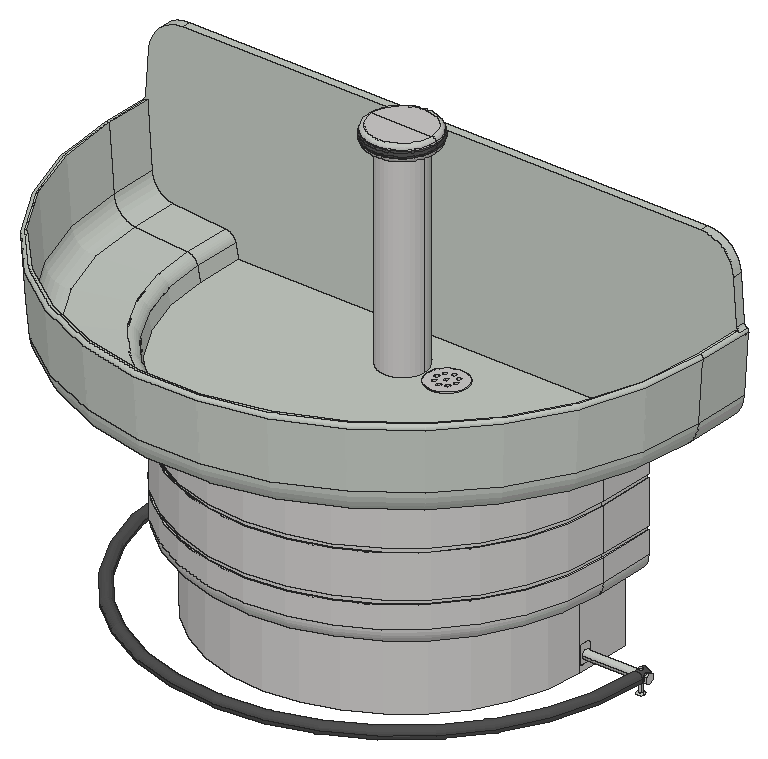
Revit family "Washfountain_Lavatory-Bradley_Corp-WF2504-Type_O_Drain", category Plumbing Fixtures, Revit 2012 (continued)
Automatic sketch dimensions
  curve 83 to curve 82 = 0.04402"
  curve 82 to curve 81 = 0.040"
  curve 81 to curve 79 = 0.27592"
  curve 80 to curve 79 = 0.000"
  curve 79 to curve 80 = 0.62595"
  curve 81 to curve 79 = 0.61449"
  curve 82 to curve 81 = 1.250"
  curve 83 to curve 82 = 1.24999"
  curve 84 to curve 83 = 1.25001"
  curve 12 to curve 51 = 3.59633"
  curve 51 to curve 12 = 14.89889"
  curve 50 to curve 51 = 0.000"
  curve 49 to curve 51 = 0.000"  (x2)
  curve 46 to curve 49 = 0.000"
  curve 47 to curve 46 = 0.000"
  curve 48 to curve 47 = 0.000"  (x2)
  curve 46 to curve 41 = 0.02732"
  curve 39 to curve 41 = 0.000"  (x2)
  curve 49 to curve 42 = 0.02732"
  curve 43 to curve 42 = 0.000"
  curve 44 to curve 43 = 0.000"  (x2)
  curve 40 to curve 39 = 0.000"  (x2)
  curve 39 to curve 45 = 2.01906"
  curve 38 to curve 45 = 0.000"
  curve 12 to curve 45 = 12.8525"
  curve 45 to curve 38 = 0.00049"
  curve 45 to curve 43 = 2.01906"
  curve 42 to curve 43 = 0.000"
  curve 45 to curve 41 = 2.01906"
  curve 41 to curve 47 = 0.02732"
  curve 46 to curve 47 = 0.000"
  curve 44 to curve 50 = 0.02732"
  curve 51 to curve 50 = 0.000"
  curve 49 to curve 51 = 0.14775"
  curve 44 to curve 49 = 0.63192"
  curve 43 to curve 44 = 0.18748"
  curve 42 to curve 43 = 0.18748"
  curve 47 to curve 42 = 1.9977"
  curve 48 to curve 47 = 0.14775"
  curve 46 to curve 48 = 0.14775"
  curve 41 to curve 46 = 1.5194"
  curve 40 to curve 41 = 0.18748"
  curve 39 to curve 40 = 0.18748"
  curve 45 to curve 39 = 0.9101"
  curve 38 to curve 45 = 2.64854"
  curve 51 to curve 50 = 0.14775"
  curve 11 to curve 65 = 3.000"
  curve 11 to curve 52 = 3.000"
  curve 64 to curve 65 = 0.000"
  curve 53 to curve 65 = 0.000"
  curve 63 to curve 65 = 0.000"
  curve 54 to curve 53 = 0.000"
  curve 62 to curve 52 = 0.000"
  curve 55 to curve 53 = 0.000"  (x2)
  curve 61 to curve 62 = 0.000"
  curve 56 to curve 64 = 0.000"
  curve 60 to curve 62 = 0.000"
  curve 57 to curve 56 = 0.000"
  curve 59 to curve 52 = 0.000"
  curve 58 to curve 56 = 0.000"  (x2)
  curve 11 to curve 59 = 17.94266"
  curve 52 to curve 59 = 0.000"
  curve 52 to curve 60 = 2.01784"
  curve 64 to curve 60 = 0.000"
  curve 61 to curve 60 = 0.000"
  curve 63 to curve 64 = 0.000"
  curve 62 to curve 60 = 0.000"
  curve 65 to curve 64 = 0.000"
  curve 61 to curve 54 = 0.02854"
  curve 64 to curve 57 = 0.02854"
  curve 53 to curve 54 = 0.000"
  curve 56 to curve 57 = 0.000"
  curve 59 to curve 11 = 12.49714"
  curve 59 to curve 52 = 2.64854"
  curve 52 to curve 60 = 0.9101"
  curve 60 to curve 62 = 0.18748"
  curve 62 to curve 61 = 0.18748"
  curve 61 to curve 53 = 1.5194"
  curve 53 to curve 55 = 0.14775"
  curve 55 to curve 54 = 0.14775"
  curve 54 to curve 63 = 1.9977"
  curve 63 to curve 65 = 0.18748"
  curve 65 to curve 64 = 0.18748"
  curve 64 to curve 56 = 0.63192"
  curve 56 to curve 58 = 0.14775"
  curve 58 to curve 57 = 0.14775"
  curve 2 to curve 66 = 3.000"
  curve 2 to curve 67 = 14.33954"
  curve 2 to curve 67 = 15.1158"
  curve 67 to curve 66 = 6.85903"
  curve 66 to curve 67 = 0.38104"
  curve 2 to curve 67 = 8.81355"
  curve 66 to curve 2 = 8.46682"
  curve 66 to curve 67 = 0.0327"
  Revolve 15 sketch curve to curve 5 = 0.000"
  curve 5 to Revolve 15 sketch curve = 1.000"
  curve 5 to Revolve 15 sketch curve = 0.89718"
  Revolve 15 sketch curve to curve 5 = 0.64632"
  Revolve 15 sketch curve to Revolve 15 sketch curve = 0.17678"
  Revolve 15 sketch curve to Revolve 15 sketch curve = 0.000"  (x4)
  Revolve 15 sketch curve to Revolve 15 sketch curve = 0.60355"
  Revolve 15 sketch curve to Revolve 15 sketch curve = 0.176"
  curve 5 to Revolve 15 sketch curve = 0.34072"
  Revolve 15 sketch curve to curve 5 = 1.44037"
  Revolve 15 sketch curve to Revolve 15 sketch curve = 0.01575"
  Revolve 15 sketch curve to Revolve 15 sketch curve = 0.074"
  Revolve 15 sketch curve to Revolve 15 sketch curve = 0.0755"
  Revolve 15 sketch curve to curve 5 = 2.78252"
  Revolve 15 sketch curve to Revolve 15 sketch curve = 1.50918"
  Revolve 15 sketch curve to curve 5 = 39.99275"
  Revolve 15 sketch curve to Revolve 15 sketch curve = 0.07322"
  Revolve 15 sketch curve to Revolve 15 sketch curve = 0.60277"
  Revolve 15 sketch curve to Revolve 15 sketch curve = 0.22469"
  Revolve 15 sketch curve to curve 5 = 1.16482"
  Revolve 16 sketch curve to curve 5 = 0.000"
  Revolve 16 sketch curve to Revolve 16 sketch curve = 0.000"
  curve 5 to Revolve 16 sketch curve = 1.000"
  Revolve 16 sketch curve to curve 5 = 0.74987"
  Revolve 16 sketch curve to Revolve 16 sketch curve = 0.8255"  (x2)
  Revolve 16 sketch curve to Revolve 16 sketch curve = 0.78649"
  Revolve 16 sketch curve to curve 5 = 1.13751"
  Masking region 13 sketch curve to curve 5 = 0.000"
  Masking region 13 sketch curve to curve 5 = 1.57537"
  Masking region 13 sketch curve to curve 5 = 0.74987"
  curve 5 to Masking region 13 sketch curve = 1.000"
  Masking region 13 sketch curve to curve 5 = 1.000"
  curve 5 to Masking region 13 sketch curve = 0.74987"
  curve 5 to Masking region 13 sketch curve = 1.57537"
  Masking region 13 sketch curve to Masking region 13 sketch curve = 0.8255"  (x2)
  Masking region 14 sketch curve to curve 5 = 0.000"
  Masking region 14 sketch curve to curve 5 = 1.57537"
  Masking region 14 sketch curve to Masking region 14 sketch curve = 0.0755"  (x2)
  Masking region 14 sketch curve to Masking region 14 sketch curve = 0.11925"
  Masking region 14 sketch curve to Masking region 14 sketch curve = 0.000"  (x7)
  Masking region 14 sketch curve to Masking region 14 sketch curve = 0.135"
  Masking region 14 sketch curve to Masking region 14 sketch curve = 0.074"
  Masking region 14 sketch curve to Masking region 14 sketch curve = 0.250"
  Masking region 14 sketch curve to curve 5 = 0.82309"
  Masking region 14 sketch curve to Masking region 14 sketch curve = 0.17678"  (x2)
  curve 5 to Masking region 14 sketch curve = 0.89718"
  curve 5 to Masking region 14 sketch curve = 1.000"
  curve 5 to Masking region 14 sketch curve = 2.78252"
  Masking region 14 sketch curve to Masking region 14 sketch curve = 0.43497"
  Masking region 14 sketch curve to curve 5 = 1.000"
  Masking region 14 sketch curve to curve 5 = 0.89718"
  curve 5 to Masking region 14 sketch curve = 0.64632"
  Masking region 14 sketch curve to Masking region 14 sketch curve = 0.60355"
  Masking region 14 sketch curve to Masking region 14 sketch curve = 0.176"
  curve 5 to Masking region 14 sketch curve = 0.34072"
  curve 5 to Masking region 14 sketch curve = 1.44037"
  Masking region 14 sketch curve to Masking region 14 sketch curve = 0.01575"
  Masking region 14 sketch curve to Masking region 14 sketch curve = 0.0595"
  Masking region 14 sketch curve to curve 5 = 39.99275"
  Masking region 14 sketch curve to Masking region 14 sketch curve = 0.07322"  (x2)
  Masking region 14 sketch curve to Masking region 14 sketch curve = 0.60277"  (x2)
  Masking region 14 sketch curve to Masking region 14 sketch curve = 0.3591"
  Masking region 14 sketch curve to Masking region 14 sketch curve = 0.22469"
  Masking region 14 sketch curve to Masking region 14 sketch curve = 0.13441"
  Masking region 15 sketch curve to curve 3 = 0.125"
  curve 3 to Masking region 15 sketch curve = 0.31036"
  Masking region 15 sketch curve to curve 3 = 0.00012"
  curve 3 to Masking region 15 sketch curve = 0.31985"
  Masking region 15 sketch curve to Masking region 15 sketch curve = 0.68964"
  Masking region 15 sketch curve to curve 3 = 1.000"
  Masking region 15 sketch curve to curve 3 = 0.31985"
  Masking region 15 sketch curve to curve 3 = 0.31036"
  curve 3 to Masking region 15 sketch curve = 0.125"
  Masking region 15 sketch curve to curve 3 = 0.94458"  (x2)
  Masking region 15 sketch curve to curve 3 = 0.44473"  (x2)
  Masking region 16 sketch curve to curve 3 = 0.12503"
  Masking region 16 sketch curve to curve 3 = 0.03514"
  Masking region 16 sketch curve to curve 3 = 0.035"
  Masking region 16 sketch curve to curve 3 = 0.0313"
  Masking region 16 sketch curve to curve 3 = 0.03126"
  curve 3 to Masking region 16 sketch curve = 0.310"
  Masking region 16 sketch curve to curve 3 = 0.00052"
  curve 3 to Masking region 16 sketch curve = 0.31012"
  Masking region 16 sketch curve to Masking region 16 sketch curve = 0.690"
  Masking region 16 sketch curve to curve 3 = 1.000"
  Masking region 16 sketch curve to curve 3 = 0.31103"
  Masking region 16 sketch curve to curve 3 = 0.30726"
  curve 3 to Masking region 16 sketch curve = 0.03111"
  curve 3 to Masking region 16 sketch curve = 0.03213"
  curve 3 to Masking region 16 sketch curve = 0.035"  (x2)
  Masking region 16 sketch curve to Masking region 16 sketch curve = 0.09419"
  Masking region 16 sketch curve to curve 3 = 0.94459"
  Masking region 16 sketch curve to curve 3 = 0.94426"
  Masking region 16 sketch curve to curve 3 = 0.53856"
  Masking region 16 sketch curve to curve 3 = 0.5384"
  curve 77 to curve 3 = 0.125"
  curve 72 to curve 3 = 0.125"
  curve 76 to curve 3 = 0.03521"
  curve 73 to curve 3 = 0.035"
  curve 3 to curve 78 = 1.000"
  curve 78 to curve 3 = 1.000"
  curve 3 to curve 75 = 0.035"
  curve 3 to curve 74 = 0.035"
  curve 73 to curve 74 = 0.090"
  curve 75 to curve 75 = 0.090"
  curve 78 to curve 3 = 1.38963"
  curve 77 to curve 3 = 0.94458"
  curve 74 to curve 3 = 0.44473"
  Masking region 17 sketch curve to curve 7 = 0.000"
  Masking region 17 sketch curve to curve 7 = 3.32412"
  Masking region 17 sketch curve to curve 7 = 2.85471"
  curve 7 to Masking region 17 sketch curve = 2.85471"
  curve 7 to Masking region 17 sketch curve = 3.32412"
  Masking region 18 sketch curve to curve 7 = 0.000"  (x3)
  Masking region 18 sketch curve to curve 7 = 14.27037"  (x2)
  Masking region 18 sketch curve to curve 7 = 0.11538"
  Masking region 18 sketch curve to curve 7 = 2.85471"
  Masking region 18 sketch curve to Masking region 18 sketch curve = 0.03127"  (x2)
  Masking region 18 sketch curve to Masking region 18 sketch curve = 0.04402"  (x2)
  Masking region 18 sketch curve to Masking region 18 sketch curve = 0.040"  (x4)
  Masking region 18 sketch curve to Masking region 18 sketch curve = 0.23592"
  curve 7 to Masking region 18 sketch curve = 0.11538"
  curve 7 to Masking region 18 sketch curve = 2.85471"
  curve 7 to Masking region 18 sketch curve = 0.37358"
  Masking region 18 sketch curve to Masking region 18 sketch curve = 0.63597"  (x2)
  Masking region 18 sketch curve to Masking region 18 sketch curve = 1.25001"  (x2)
  Masking region 18 sketch curve to Masking region 18 sketch curve = 1.24999"  (x2)
  Masking region 18 sketch curve to Masking region 18 sketch curve = 1.250"  (x2)
  Masking region 18 sketch curve to Masking region 18 sketch curve = 0.62595"  (x2)
  Masking region 19 sketch curve to curve 4 = 0.875"
  Masking region 19 sketch curve to curve 4 = 0.440"
  Masking region 19 sketch curve to curve 4 = 0.00012"
  Masking region 19 sketch curve to curve 4 = 0.43015"
  curve 4 to Masking region 19 sketch curve = 0.25001"
  Masking region 19 sketch curve to Masking region 19 sketch curve = 3.99991"
  Masking region 19 sketch curve to Masking region 19 sketch curve = 0.68002"
  Masking region 19 sketch curve to Masking region 19 sketch curve = 0.0002"
  Masking region 19 sketch curve to Masking region 19 sketch curve = 0.44505"  (x3)
  curve 4 to Masking region 19 sketch curve = 0.44473"  (x2)
  Masking region 20 sketch curve to plane 9 "Spray Head" = 0.000"
  Masking region 20 sketch curve to plane 9 "Spray Head" = 0.8509"
  plane 1 "Center (Front/Back)" to Masking region 20 sketch curve = 8.37501"
  Masking region 20 sketch curve to Masking region 20 sketch curve = 0.090"  (x2)
  Masking region 20 sketch curve to Masking region 20 sketch curve = 0.09375"  (x2)
  Masking region 20 sketch curve to Masking region 20 sketch curve = 0.00375"  (x3)
  Masking region 20 sketch curve to Masking region 20 sketch curve = 0.345"  (x2)
  Masking region 20 sketch curve to Masking region 20 sketch curve = 0.690"  (x3)
  plane 1 "Center (Front/Back)" to Masking region 20 sketch curve = 3.25001"
  Masking region 20 sketch curve to Masking region 20 sketch curve = 0.34125"
  Masking region 20 sketch curve to Masking region 20 sketch curve = 0.000"
  Masking region 20 sketch curve to Masking region 20 sketch curve = 0.10005"
  Masking region 20 sketch curve to Masking region 20 sketch curve = 0.1934"  (x2)
  curve 90 to curve 4 = 0.875"
  curve 85 to curve 90 = 0.000"
  curve 85 to curve 86 = 0.090"
  curve 90 to curve 90 = 0.09001"
  curve 4 to curve 91 = 0.25001"
  curve 4 to curve 91 = 1.38963"
  curve 91 to curve 91 = 4.000"
  curve 91 to curve 88 = 1.03499"
  curve 88 to curve 87 = 0.00001"
  curve 86 to curve 87 = 0.08999"
  curve 88 to curve 88 = 0.090"
  curve 90 to curve 4 = 0.94458"
  curve 4 to curve 87 = 0.44473"
  Masking region 21 sketch curve to plane 8 "Sensor Module" = 0.000"
  plane 9 "Spray Head" to Masking region 21 sketch curve = 1.81112"
  plane 1 "Center (Front/Back)" to Masking region 21 sketch curve = 9.82537"
  Masking region 21 sketch curve to Masking region 21 sketch curve = 0.8255"  (x2)
  Masking region 21 sketch curve to Masking region 21 sketch curve = 1.74995"
  plane 1 "Center (Front/Back)" to Masking region 21 sketch curve = 3.25001"
  plane 1 "Center (Front/Back)" to Masking region 21 sketch curve = 1.50013"
  plane 1 "Center (Front/Back)" to Masking region 21 sketch curve = 0.67463"
  Masking region 22 sketch curve to curve 6 = 0.000"
  curve 6 to Masking region 22 sketch curve = 0.56541"
  Masking region 22 sketch curve to curve 6 = 2.32535"
  Masking region 22 sketch curve to Masking region 22 sketch curve = 0.0755"  (x2)
  Masking region 22 sketch curve to Masking region 22 sketch curve = 0.11925"
  Masking region 22 sketch curve to Masking region 22 sketch curve = 0.000"  (x7)
  Masking region 22 sketch curve to Masking region 22 sketch curve = 0.135"
  Masking region 22 sketch curve to Masking region 22 sketch curve = 0.074"
  Masking region 22 sketch curve to Masking region 22 sketch curve = 0.250"
  Masking region 22 sketch curve to Masking region 22 sketch curve = 0.60277"  (x2)
  Masking region 22 sketch curve to Masking region 22 sketch curve = 0.17678"  (x2)
  curve 6 to Masking region 22 sketch curve = 0.14719"
  curve 6 to Masking region 22 sketch curve = 0.25001"
  curve 6 to Masking region 22 sketch curve = 2.03244"
  Masking region 22 sketch curve to Masking region 22 sketch curve = 0.43506"
  Masking region 22 sketch curve to Masking region 22 sketch curve = 3.99991"
  Masking region 22 sketch curve to Masking region 22 sketch curve = 0.10282"
  Masking region 22 sketch curve to Masking region 22 sketch curve = 1.64632"
  curve 6 to Masking region 22 sketch curve = 2.76716"
  Masking region 22 sketch curve to Masking region 22 sketch curve = 0.60355"
  curve 6 to Masking region 22 sketch curve = 2.16439"
  Masking region 22 sketch curve to Masking region 22 sketch curve = 0.176"
  curve 6 to Masking region 22 sketch curve = 0.34072"
  Masking region 22 sketch curve to Masking region 22 sketch curve = 0.1905"
  Masking region 22 sketch curve to Masking region 22 sketch curve = 0.01575"
  Masking region 22 sketch curve to Masking region 22 sketch curve = 0.0595"
  Masking region 22 sketch curve to curve 6 = 39.99275"
  Masking region 22 sketch curve to Masking region 22 sketch curve = 0.07322"
  Masking region 22 sketch curve to Masking region 22 sketch curve = 0.22469"
  Masking region 22 sketch curve to Masking region 22 sketch curve = 0.13441"
  curve 93 to curve 6 = 2.32537"
  curve 6 to curve 92 = 0.56541"
  curve 93 to curve 92 = 0.07551"
  curve 6 to curve 94 = 0.25001"
  curve 94 to curve 94 = 3.99999"
  curve 94 to curve 92 = 2.50014"
  curve 92 to curve 93 = 0.07522"
  curve 93 to curve 92 = 1.44948"
  curve 94 to curve 93 = 0.8255"
  Masking region 23 sketch curve to curve 8 = 0.000"  (x2)
  Masking region 23 sketch curve to curve 8 = 6.000"
  curve 8 to Masking region 23 sketch curve = 8.10471"
  Masking region 23 sketch curve to Masking region 23 sketch curve = 0.46941"
  Masking region 24 sketch curve to curve 8 = 0.000"  (x2)
  Masking region 24 sketch curve to curve 8 = 6.000"
  curve 8 to Masking region 24 sketch curve = 5.250"
  Masking region 24 sketch curve to Masking region 24 sketch curve = 5.36538"
  Masking region 24 sketch curve to Masking region 24 sketch curve = 2.73934"
  Masking region 24 sketch curve to Masking region 24 sketch curve = 0.03127"
  Masking region 24 sketch curve to Masking region 24 sketch curve = 0.04402"
  Masking region 24 sketch curve to Masking region 24 sketch curve = 0.040"  (x2)
  Masking region 24 sketch curve to Masking region 24 sketch curve = 0.23592"
  Masking region 24 sketch curve to curve 8 = 14.27037"
  Masking region 24 sketch curve to Masking region 24 sketch curve = 0.63597"
  Masking region 24 sketch curve to Masking region 24 sketch curve = 1.25001"
  Masking region 24 sketch curve to Masking region 24 sketch curve = 1.24999"
  Masking region 24 sketch curve to Masking region 24 sketch curve = 1.250"
  Masking region 24 sketch curve to Masking region 24 sketch curve = 0.62595"
  curve 100 to curve 8 = 0.000"
  curve 95 to curve 8 = 0.000"
  curve 98 to curve 8 = 0.000"
  curve 96 to curve 8 = 0.000"
  curve 99 to curve 8 = 0.000"
  curve 97 to curve 8 = 0.000"
  curve 100 to curve 8 = 5.36403"
  curve 99 to curve 8 = 4.11402"
  curve 98 to curve 8 = 2.86403"
  curve 97 to curve 8 = 1.61403"
  curve 96 to curve 8 = 0.99953"
  curve 95 to curve 8 = 0.37358"
  curve 8 to curve 100 = 8.10471"
  curve 100 to curve 99 = 0.03127"
  curve 99 to curve 98 = 0.04402"
  curve 98 to curve 97 = 0.040"
  curve 97 to curve 95 = 0.27592"
  curve 96 to curve 95 = 0.000"
  plane 1 "Center (Front/Back)" to curve 150 = 2.90484"
  plane 3 "Center (Left/Right)" to curve 150 = 6.97827"
  plane 1 "Center (Front/Back)" to curve 158 = 2.04766"
  curve 150 to curve 158 = 1.52569"
  plane 3 "Center (Left/Right)" to curve 150 = 1.59028"
  plane 3 "Center (Left/Right)" to curve 158 = 0.06458"
  curve 157 to plane 3 "Center (Left/Right)" = 0.06458"
  curve 149 to plane 3 "Center (Left/Right)" = 1.59028"
  plane 1 "Center (Front/Back)" to curve 157 = 2.04766"
  curve 157 to plane 3 "Center (Left/Right)" = 5.45258"
  plane 1 "Center (Front/Back)" to curve 149 = 2.90484"
  curve 157 to curve 149 = 1.52569"
  curve 157 to curve 157 = 9.59007"
  curve 158 to curve 157 = 0.000"
  curve 158 to curve 150 = 0.85718"
  curve 157 to curve 149 = 0.85718"
  Extrusion 17 sketch curve to plane 6 "Towel Dispenser" = 0.000"
  plane 6 "Towel Dispenser" to Extrusion 17 sketch curve = 1.37502"
  Extrusion 17 sketch curve to Extrusion 17 sketch curve = 2.250"
  Extrusion 17 sketch curve to Extrusion 17 sketch curve = 4.000"
  Extrusion 18 sketch curve to plane 6 "Towel Dispenser" = 0.000"
  plane 6 "Towel Dispenser" to Extrusion 18 sketch curve = 1.37502"
  Extrusion 18 sketch curve to Extrusion 18 sketch curve = 2.250"
  Extrusion 18 sketch curve to Extrusion 18 sketch curve = 4.000"
  Split face 1 sketch curve to Extrusion 17 = 0.56845"
  Split face 1 sketch curve to Split face 1 sketch curve = 0.750"
  Split face 1 sketch curve to Extrusion 17 = 1.500"  (x2)
  Extrusion 18 to Split face 2 sketch curve = 0.56845"
  Split face 2 sketch curve to Split face 2 sketch curve = 0.750"
  Split face 2 sketch curve to Extrusion 18 = 1.500"  (x2)
  curve 106 to Extrusion 18 = 0.000"  (x3)
  Extrusion 18 to curve 141 = 2.60156"
  curve 141 to curve 141 = 1.000"
  Extrusion 18 to curve 141 = 1.95703"
  curve 107 to Extrusion 17 = 0.000"  (x3)
  curve 140 to Extrusion 17 = 2.60156"
  curve 140 to curve 140 = 1.000"
  Extrusion 17 to curve 140 = 1.95703"
  Masking region 25 sketch curve to curve 9 = 0.000"  (x2)
  Masking region 25 sketch curve to curve 9 = 1.37502"  (x2)
  Masking region 25 sketch curve to curve 9 = 5.93988"
  Masking region 25 sketch curve to Masking region 25 sketch curve = 1.96161"  (x2)
  Masking region 25 sketch curve to curve 9 = 2.45258"
  curve 9 to Masking region 25 sketch curve = 1.000"
  Masking region 25 sketch curve to curve 9 = 1.000"
  curve 9 to Masking region 25 sketch curve = 2.45258"
  curve 9 to Masking region 25 sketch curve = 3.97827"
  Masking region 25 sketch curve to Masking region 25 sketch curve = 0.68733"  (x2)
  curve 134 to curve 10 = 0.000"
  curve 130 to curve 10 = 0.95234"
  curve 134 to curve 10 = 0.09516"
  curve 10 to curve 131 = 1.00693"
  curve 138 to curve 10 = 0.29642"
  curve 132 to curve 138 = 0.44323"
  curve 138 to curve 138 = 0.31346"  (x2)
  curve 138 to curve 138 = 0.40504"
  curve 10 to curve 144 = 2.71312"
  curve 130 to curve 139 = 4.79504"
  curve 136 to curve 10 = 0.47244"
  curve 139 to curve 136 = 2.21775"
  curve 136 to curve 136 = 0.40504"
  curve 136 to curve 136 = 0.31346"  (x2)
  curve 139 to curve 131 = 4.79504"
  curve 133 to curve 10 = 1.37502"
  curve 10 to curve 144 = 3.97659"
  curve 144 to curve 144 = 1.000"
  curve 10 to curve 139 = 13.12502"
  curve 10 to curve 131 = 14.62567"
  curve 10 to curve 130 = 15.313"
  Masking region 27 sketch curve to plane 5 "Right" = 0.000"
  Masking region 27 sketch curve to plane 3 "Center (Left/Right)" = 0.000"
  Masking region 27 sketch curve to plane 1 "Center (Front/Back)" = 0.000"
  Masking region 27 sketch curve to Masking region 27 sketch curve = 0.00001"
  plane 1 "Center (Front/Back)" to Masking region 27 sketch curve = 5.09016"
  Masking region 27 sketch curve to Masking region 27 sketch curve = 0.000"
  Masking region 28 sketch curve to plane 3 "Center (Left/Right)" = 0.000"
  plane 3 "Center (Left/Right)" to Masking region 28 sketch curve = 0.06458"
  plane 3 "Center (Left/Right)" to Masking region 28 sketch curve = 3.55188"
  plane 1 "Center (Front/Back)" to Masking region 28 sketch curve = 2.04766"
  plane 3 "Center (Left/Right)" to Masking region 28 sketch curve = 5.45258"
  plane 1 "Center (Front/Back)" to Masking region 28 sketch curve = 4.00693"  (x2)
  Masking region 28 sketch curve to Masking region 28 sketch curve = 3.4873"
  Masking region 28 sketch curve to plane 3 "Center (Left/Right)" = 0.06458"
  Masking region 28 sketch curve to plane 3 "Center (Left/Right)" = 3.55188"
  Masking region 28 sketch curve to plane 3 "Center (Left/Right)" = 5.45258"
  plane 1 "Center (Front/Back)" to Masking region 28 sketch curve = 5.250"
  Masking region 29 sketch curve to plane 3 "Center (Left/Right)" = 0.000"
  Masking region 29 sketch curve to Masking region 29 sketch curve = 6.32412"
  plane 1 "Center (Front/Back)" to Masking region 29 sketch curve = 3.000"
  Masking region 29 sketch curve to Masking region 29 sketch curve = 2.250"
  curve 152 to plane 3 "Center (Left/Right)" = 0.000"
  plane 3 "Center (Left/Right)" to curve 153 = 5.85471"
  plane 1 "Center (Front/Back)" to curve 153 = 3.000"
  plane 1 "Center (Front/Back)" to curve 151 = 3.000"
  curve 153 to curve 152 = 2.250"
  curve 154 to plane 3 "Center (Left/Right)" = 0.000"
  plane 1 "Center (Front/Back)" to curve 154 = 5.250"
  Masking region 30 sketch curve to plane 3 "Center (Left/Right)" = 0.000"
  plane 1 "Center (Front/Back)" to Masking region 30 sketch curve = 5.250"
  Masking region 31 sketch curve to plane 3 "Center (Left/Right)" = 0.000"
  plane 1 "Center (Front/Back)" to Masking region 31 sketch curve = 5.250"
  curve 155 to plane 3 "Center (Left/Right)" = 0.000"
  plane 1 "Center (Front/Back)" to curve 155 = 5.250"
  Extrusion 19 sketch curve to plane 3 "Center (Left/Right)" = 0.000"
  plane 1 "Center (Front/Back)" to Extrusion 19 sketch curve = 5.250"
  Extrusion 20 sketch curve to plane 3 "Center (Left/Right)" = 0.000"
  plane 1 "Center (Front/Back)" to Extrusion 20 sketch curve = 5.250"
  curve 7 to Masking region 33 sketch curve = 1.000"
  Masking region 33 sketch curve to curve 7 = 1.000"
  Masking region 33 sketch curve to curve 7 = 8.500"
  Masking region 34 sketch curve to plane 8 "Sensor Module" = 3.500"
  plane 1 "Center (Front/Back)" to Masking region 34 sketch curve = 7.250"
  plane 1 "Center (Front/Back)" to Masking region 34 sketch curve = 3.25001"
  Extrusion 21 sketch curve to plane 3 "Center (Left/Right)" = 0.000"
  plane 3 "Center (Left/Right)" to Extrusion 21 sketch curve = 0.06458"
  plane 1 "Center (Front/Back)" to Extrusion 21 sketch curve = 2.04766"
  plane 3 "Center (Left/Right)" to Extrusion 21 sketch curve = 5.45258"
  Extrusion 21 sketch curve to plane 3 "Center (Left/Right)" = 0.06458"
  Extrusion 21 sketch curve to plane 3 "Center (Left/Right)" = 5.45258"
  plane 1 "Center (Front/Back)" to Extrusion 21 sketch curve = 5.250"
  Extrusion 21 sketch curve to Extrusion 21 sketch curve = 6.38773"
  Extrusion 22 sketch curve to Extrusion 22 sketch curve = 0.000"  (x2)
  Extrusion 22 sketch curve to plane 3 "Center (Left/Right)" = 0.000"
  plane 3 "Center (Left/Right)" to Extrusion 22 sketch curve = 0.06458"
  Extrusion 22 sketch curve to Extrusion 22 sketch curve = 2.000"
  plane 1 "Center (Front/Back)" to Extrusion 22 sketch curve = 2.04766"
  Extrusion 22 sketch curve to Extrusion 22 sketch curve = 3.45258"  (x2)
  Extrusion 22 sketch curve to plane 3 "Center (Left/Right)" = 0.06458"
  plane 1 "Center (Front/Back)" to Extrusion 22 sketch curve = 5.250"
  Extrusion 22 sketch curve to Extrusion 22 sketch curve = 6.38773"
  curve 160 to curve 159 = 0.000"
  curve 168 to curve 159 = 0.000"
  curve 169 to curve 159 = 0.000"
  curve 161 to curve 159 = 0.000"
  curve 160 to curve 159 = 3.45258"
  curve 159 to curve 166 = 0.000"
  curve 159 to curve 168 = 0.000"
  curve 167 to curve 159 = 0.000"
  curve 169 to curve 167 = 0.000"
  curve 159 to curve 161 = 3.45258"
  curve 159 to curve 169 = 1.0786"
  curve 165 to curve 164 = 0.500"
  curve 159 to curve 166 = 14.12567"
  curve 163 to curve 162 = 0.500"
  curve 162 to curve 160 = 0.68733"
  curve 162 to curve 161 = 0.68733"
  Extrusion 23 sketch curve to plane 1 "Center (Front/Back)" = 0.000"
  Extrusion 23 sketch curve to plane 3 "Center (Left/Right)" = 0.000"
  Extrusion 23 sketch curve to Extrusion 23 sketch curve = 2.00008"
  Extrusion 23 sketch curve to Extrusion 23 sketch curve = 0.000"  (x3)
  Extrusion 23 sketch curve to plane 3 "Center (Left/Right)" = 2.00008"
  plane 1 "Center (Front/Back)" to Extrusion 23 sketch curve = 5.09016"
  Extrusion 24 sketch curve to plane 1 "Center (Front/Back)" = 0.000"
  Extrusion 24 sketch curve to plane 3 "Center (Left/Right)" = 0.000"
  Extrusion 24 sketch curve to Extrusion 24 sketch curve = 2.000"
  plane 1 "Center (Front/Back)" to Extrusion 24 sketch curve = 5.09016"
  Sweep 25 sketch curve to profile plane = 0.000"
  profile plane to Sweep 25 sketch curve = 1.425"
  level to Extrusion 26 sketch curve = 1.425"
  plane 1 "Center (Front/Back)" to Extrusion 26 sketch curve = 4.625"
  level to Extrusion 27 sketch curve = 1.425"
  plane 1 "Center (Front/Back)" to Extrusion 27 sketch curve = 4.625"
  plane 4 "Left" to Extrusion 28 sketch curve = 5.99951"
  plane 1 "Center (Front/Back)" to Extrusion 28 sketch curve = 4.625"
  plane 5 "Right" to Extrusion 29 sketch curve = 5.99951"
  Extrusion 29 sketch curve to plane 1 "Center (Front/Back)" = 4.625"
  Blend 30 sketch curve to Blend 30 sketch curve = 0.000"  (x2)
  plane 4 "Left" to Blend 30 sketch curve = 5.88251"
  Blend 30 sketch curve to Blend 30 sketch curve = 0.117"
  plane 1 "Center (Front/Back)" to Blend 30 sketch curve = 4.625"  (x2)
  plane 4 "Left" to Blend 30 sketch curve = 5.99951"
  Blend 31 sketch curve to Blend 31 sketch curve = 0.000"  (x2)
  plane 5 "Right" to Blend 31 sketch curve = 5.88251"
  Blend 31 sketch curve to Blend 31 sketch curve = 0.117"
  Blend 31 sketch curve to plane 1 "Center (Front/Back)" = 4.625"  (x2)
  plane 5 "Right" to Blend 31 sketch curve = 5.99951"
  level to Extrusion 32 sketch curve = 1.64221"
  plane 1 "Center (Front/Back)" to Extrusion 32 sketch curve = 4.99598"
  level to Extrusion 32 sketch curve = 0.99875"
  Extrusion 32 sketch curve to Extrusion 32 sketch curve = 0.3715"  (x3)
  level to Extrusion 32 sketch curve = 1.85669"
  Extrusion 32 sketch curve to Extrusion 32 sketch curve = 0.21449"
  Extrusion 32 sketch curve to Extrusion 32 sketch curve = 0.42896"
  Extrusion 32 sketch curve to Extrusion 32 sketch curve = 0.21448"
  level to Extrusion 33 sketch curve = 1.64221"
  plane 1 "Center (Front/Back)" to Extrusion 33 sketch curve = 4.99598"
  level to Extrusion 33 sketch curve = 0.99875"
  Extrusion 33 sketch curve to Extrusion 33 sketch curve = 0.3715"  (x3)
  level to Extrusion 33 sketch curve = 1.85669"
  Extrusion 33 sketch curve to Extrusion 33 sketch curve = 0.21448"
  Extrusion 33 sketch curve to Extrusion 33 sketch curve = 0.42896"
  Extrusion 33 sketch curve to Extrusion 33 sketch curve = 0.21449"
  level to Extrusion 34 sketch curve = 2.04222"
  plane 1 "Center (Front/Back)" to Extrusion 34 sketch curve = 5.12723"
  Extrusion 34 sketch curve to Extrusion 34 sketch curve = 0.250"  (x3)
  Extrusion 34 sketch curve to Extrusion 34 sketch curve = 0.500"  (x2)
  level to Extrusion 34 sketch curve = 0.91722"
  level to Extrusion 35 sketch curve = 2.04222"
  plane 1 "Center (Front/Back)" to Extrusion 35 sketch curve = 5.12723"
  Extrusion 35 sketch curve to Extrusion 35 sketch curve = 0.250"  (x3)
  Extrusion 35 sketch curve to Extrusion 35 sketch curve = 0.500"  (x2)
  level to Extrusion 35 sketch curve = 0.91722"
  level to Masking region 36 sketch curve = 1.425"
  plane 4 "Left" to Masking region 36 sketch curve = 5.99951"
  level to Masking region 36 sketch curve = 1.925"
  Masking region 36 sketch curve to plane 5 "Right" = 5.99951"
  Masking region 37 sketch curve to Masking region 37 sketch curve = 0.000"  (x12)
  Masking region 37 sketch curve to level = 0.000"  (x2)
  level to Masking region 37 sketch curve = 1.85669"
  plane 4 "Left" to Masking region 37 sketch curve = 5.19973"
  Masking region 37 sketch curve to Masking region 37 sketch curve = 0.26571"  (x3)
  Masking region 37 sketch curve to Masking region 37 sketch curve = 0.19887"  (x4)
  Masking region 37 sketch curve to Masking region 37 sketch curve = 0.20907"
  Masking region 37 sketch curve to Masking region 37 sketch curve = 0.2182"  (x4)
  Masking region 37 sketch curve to Masking region 37 sketch curve = 0.117"  (x5)
  Masking region 37 sketch curve to Masking region 37 sketch curve = 0.208"  (x4)
  level to Masking region 37 sketch curve = 0.66722"  (x2)
  Masking region 37 sketch curve to Masking region 37 sketch curve = 4.69749"  (x2)
  Masking region 37 sketch curve to Masking region 37 sketch curve = 0.1255"  (x2)
  Masking region 37 sketch curve to plane 5 "Right" = 11.1475"
  Masking region 37 sketch curve to Masking region 37 sketch curve = 0.234"
  level to Masking region 37 sketch curve = 0.12175"  (x4)
  Masking region 37 sketch curve to Masking region 37 sketch curve = 0.80325"  (x2)
  Masking region 37 sketch curve to Masking region 37 sketch curve = 0.01388"  (x2)
  Masking region 37 sketch curve to Masking region 37 sketch curve = 0.05987"  (x2)
  Masking region 37 sketch curve to Masking region 37 sketch curve = 0.05525"  (x2)
  Masking region 37 sketch curve to Masking region 37 sketch curve = 0.06069"
  Masking region 37 sketch curve to Masking region 37 sketch curve = 0.11512"  (x2)
  Masking region 37 sketch curve to Masking region 37 sketch curve = 0.09802"  (x2)
  Masking region 37 sketch curve to Masking region 37 sketch curve = 1.625"  (x2)
  curve 1 to plane 1 "Center (Front/Back)" = 0.000"
  curve 191 to plane 13 = 0.000"
  curve 2 to plane 3 "Center (Left/Right)" = 0.000"
  plane 3 "Center (Left/Right)" to curve 191 = 3.000"
  plane 3 "Center (Left/Right)" to curve 1 = 3.000"
  curve 191 to plane 3 "Center (Left/Right)" = 3.000"
  curve 1 to plane 3 "Center (Left/Right)" = 3.000"
  curve 2 to plane 1 "Center (Front/Back)" = 3.000"
  plane 1 "Center (Front/Back)" to curve 2 = 3.000"
  curve 1 to curve 102 = 23.76758"
  curve 68 to curve 191 = 16.4921"
  curve 191 to curve 68 = 3.000"
  curve 191 to curve 68 = 8.43458"
  curve 191 to curve 68 = 16.4921"
  curve 191 to curve 68 = 257.83753"
  Masking region 38 sketch curve to plane 13 = 6.14764"
  plane 1 "Center (Front/Back)" to Masking region 38 sketch curve = 4.125"
  level to Masking region 38 sketch curve = 0.925"
  Masking region 38 sketch curve to Masking region 38 sketch curve = 0.500"
  Masking region 39 sketch curve to level = 0.000"
  level to Masking region 39 sketch curve = 1.21324"
  plane 1 "Center (Front/Back)" to Masking region 39 sketch curve = 4.99598"
  Masking region 39 sketch curve to Masking region 39 sketch curve = 0.0458"
  Masking region 39 sketch curve to Masking region 39 sketch curve = 0.25398"  (x2)
  level to Masking region 39 sketch curve = 1.00011"
  Masking region 39 sketch curve to Masking region 39 sketch curve = 0.11519"
  level to Masking region 39 sketch curve = 1.85669"
  Masking region 39 sketch curve to Masking region 39 sketch curve = 0.11752"
  Masking region 39 sketch curve to Masking region 39 sketch curve = 0.11648"
  level to Masking region 39 sketch curve = 1.21579"
  Masking region 39 sketch curve to Masking region 39 sketch curve = 0.25475"
  level to Masking region 39 sketch curve = 0.12175"  (x2)
  Masking region 39 sketch curve to Masking region 39 sketch curve = 0.07511"
  Masking region 39 sketch curve to Masking region 39 sketch curve = 0.42896"
  Masking region 39 sketch curve to Masking region 39 sketch curve = 0.42658"
  Masking region 39 sketch curve to Masking region 39 sketch curve = 0.06831"
  Masking region 39 sketch curve to Masking region 39 sketch curve = 0.09802"
  Masking region 39 sketch curve to Masking region 39 sketch curve = 0.234"
  Masking region 39 sketch curve to Masking region 39 sketch curve = 0.20818"
  Masking region 35 sketch curve to curve 159 = 0.000"  (x2)
  curve 159 to Masking region 35 sketch curve = 14.62567"
  curve 159 to Masking region 35 sketch curve = 16.313"
  curve 170 to curve 129 = 0.000"
  curve 111 to curve 129 = 5.93988"
  curve 145 to curve 129 = 1.37502"
  curve 145 to curve 129 = 5.93988"
  curve 127 to curve 118 = 1.05362"
  curve 118 to curve 117 = 0.10398"
  curve 117 to curve 118 = 0.55793"
  curve 119 to curve 129 = 0.29642"
  curve 118 to curve 119 = 0.55793"
  curve 119 to curve 127 = 0.42054"
  curve 143 to curve 129 = 1.51047"
  curve 120 to curve 112 = 0.31186"
  curve 120 to curve 129 = 0.30581"
  curve 129 to curve 119 = 0.25213"
  curve 120 to curve 120 = 0.10398"
  curve 120 to curve 170 = 0.64389"
  curve 170 to curve 116 = 0.40972"
  curve 129 to curve 110 = 2.93542"
  curve 110 to curve 126 = 0.12917"
  curve 115 to curve 129 = 1.40972"
  curve 115 to curve 170 = 0.40972"
  curve 123 to curve 129 = 0.25213"
  curve 129 to curve 124 = 0.30581"
  curve 129 to curve 113 = 0.55188"
  curve 128 to curve 121 = 0.31186"
  curve 124 to curve 124 = 0.10398"
  curve 124 to curve 128 = 2.27816"
  curve 122 to curve 129 = 0.33485"
  curve 128 to curve 122 = 0.31655"
  curve 122 to curve 123 = 0.10398"
  curve 122 to curve 122 = 0.55793"
  curve 122 to curve 121 = 0.55793"
  curve 142 to curve 114 = 0.95859"
  curve 128 to curve 108 = 2.694"
  curve 123 to curve 129 = 0.29642"
  curve 120 to curve 120 = 0.03843"
  curve 121 to curve 115 = 0.29642"
  curve 114 to curve 142 = 2.60156"
  curve 129 to curve 143 = 3.97659"
  curve 142 to curve 142 = 1.000"
  curve 143 to curve 143 = 1.000"
  curve 129 to curve 127 = 13.12502"
  curve 129 to curve 128 = 13.12502"
  curve 129 to curve 110 = 14.62567"
  curve 128 to curve 108 = 1.50065"
  curve 129 to curve 125 = 15.313"
  curve 126 to curve 110 = 0.000"
  Masking region 32 sketch curve to plane 7 "Soap Dispenser" = 8.500"
  Masking region 32 sketch curve to Masking region 32 sketch curve = 4.000"
  plane 1 "Center (Front/Back)" to Masking region 32 sketch curve = 7.250"
  Masking region 26 sketch curve to curve 10 = 0.000"
  Masking region 26 sketch curve to curve 10 = 0.95234"
  curve 10 to Masking region 26 sketch curve = 0.250"
  Masking region 26 sketch curve to Masking region 26 sketch curve = 4.000"
  Masking region 26 sketch curve to Masking region 26 sketch curve = 4.38773"
  curve 10 to Masking region 26 sketch curve = 9.49491"
  Masking region 26 sketch curve to Masking region 26 sketch curve = 1.95927"
  Masking region 26 sketch curve to curve 10 = 1.37502"
  curve 10 to Masking region 26 sketch curve = 14.62567"
  curve 10 to Masking region 26 sketch curve = 16.313"
  Masking region 26 sketch curve to Masking region 26 sketch curve = 0.68733"
  plane 3 "Center (Left/Right)" to Extrusion 36 sketch curve = 4.000"
  plane 1 "Center (Front/Back)" to Extrusion 36 sketch curve = 5.250"
  Extrusion 37 sketch curve to Extrusion 37 sketch curve = 0.000"  (x6)
  plane 1 "Center (Front/Back)" to Extrusion 37 sketch curve = 5.250"
  Extrusion 37 sketch curve to plane 5 "Right" = 21.250"
  Extrusion 37 sketch curve to Extrusion 37 sketch curve = 0.87229"
  Extrusion 37 sketch curve to Extrusion 37 sketch curve = 0.25708"  (x5)
  Extrusion 37 sketch curve to Extrusion 37 sketch curve = 0.62063"  (x11)
  curve 15 to curve 147 = 0.000"  (x2)
  curve 15 to curve 205 = 0.000"  (x2)
  curve 208 to curve 209 = 0.000"  (x2)
  curve 16 to plane 1 "Center (Front/Back)" = 0.000"
  curve 14 to plane 1 "Center (Front/Back)" = 0.000"
  curve 147 to plane 5 "Right" = 8.99951"
  curve 206 to plane 5 "Right" = 0.49951"
  curve 16 to plane 5 "Right" = 0.02351"
  curve 156 to plane 5 "Right" = 0.00001"
  plane 4 "Left" to curve 156 = 0.00001"
  plane 1 "Center (Front/Back)" to curve 204 = 0.8003"
  curve 209 to curve 210 = 0.000"  (x2)
  plane 3 "Center (Left/Right)" to curve 213 = 4.87771"
  curve 213 to curve 214 = 0.25708"
  curve 213 to curve 212 = 0.25708"
  curve 214 to curve 215 = 0.62063"
  curve 209 to curve 215 = 0.000"
  curve 212 to curve 211 = 0.62063"
  curve 215 to curve 216 = 0.62063"
  curve 211 to curve 218 = 0.62063"
  curve 218 to curve 217 = 0.25708"
  plane 1 "Center (Front/Back)" to curve 211 = 4.37229"
  curve 211 to curve 218 = 0.25708"
  curve 211 to curve 212 = 0.25708"
  curve 148 to curve 147 = 4.28985"
  curve 218 to curve 209 = 0.62063"
  curve 212 to curve 213 = 0.62063"
  curve 218 to curve 217 = 0.62063"
  curve 213 to curve 214 = 0.62063"
  curve 217 to curve 216 = 0.62063"
  curve 216 to curve 215 = 0.25708"
  curve 181 to curve 182 = 0.000"
  curve 182 to curve 182 = 0.26571"
  level to curve 183 = 0.12175"
  curve 180 to curve 183 = 0.41707"
  curve 182 to curve 179 = 0.51608"
  curve 179 to curve 179 = 0.13499"  (x2)
  curve 183 to curve 183 = 0.234"
  curve 179 to curve 178 = 0.22637"
  curve 179 to curve 177 = 0.22637"
  level to curve 178 = 1.054"
  curve 178 to curve 178 = 4.67912"
  curve 177 to curve 178 = 0.000"
  level to curve 184 = 1.796"
  curve 184 to plane 5 "Right" = 11.022"
  curve 185 to curve 184 = 0.000"
  level to curve 185 = 1.054"
  curve 185 to curve 185 = 4.67912"
  curve 184 to curve 185 = 0.000"
  level to curve 190 = 0.12175"
  curve 185 to curve 190 = 0.22637"
  curve 184 to curve 186 = 0.22637"
  curve 185 to curve 186 = 0.22637"
  curve 186 to curve 186 = 0.13499"
  curve 190 to curve 190 = 0.234"
  curve 186 to curve 189 = 0.51608"
  curve 189 to curve 189 = 0.26571"
  curve 188 to curve 188 = 0.26571"
  curve 179 to curve 178 = 0.129"
  curve 180 to curve 179 = 0.371"
  curve 187 to curve 186 = 0.371"
  curve 187 to curve 189 = 0.15924"
  curve 180 to curve 182 = 0.15924"
  curve 182 to curve 181 = 0.42897"
  curve 189 to curve 188 = 0.42897"
  curve 188 to curve 187 = 0.15379"
  curve 181 to curve 180 = 0.15379"
  plane 4 "Left" to curve 178 = 11.022"
  Split face 3 sketch curve to cut or joined group of Revolve 7, Extrusion 14 = 0.000"  (x3)
  Revolve 41 sketch curve to curve 7 = 0.000"
  Revolve 41 sketch curve to Revolve 41 sketch curve = 0.000"
  Revolve 41 sketch curve to curve 7 = 3.24592"
  Revolve 41 sketch curve to Revolve 41 sketch curve = 0.0782"
  Revolve 41 sketch curve to Revolve 41 sketch curve = 2.30429"
  Revolve 41 sketch curve to curve 7 = 2.44617"
  curve 7 to Extrusion 42 sketch curve = 3.24592"
  Extrusion 42 sketch curve to Extrusion 42 sketch curve = 0.0782"  (x2)
  Extrusion 42 sketch curve to curve 7 = 3.24592"
  Extrusion 42 sketch curve to curve 7 = 0.000"
  curve 5 to Extrusion 43 sketch curve = 1.3649"
  curve 5 to Extrusion 44 sketch curve = 1.3649"
  curve 5 to Extrusion 44 sketch curve = 3.000"
  curve 6 to Masking region 40 sketch curve = 1.8649"
  curve 6 to Masking region 40 sketch curve = 6.82537"
  Masking region 40 sketch curve to Masking region 40 sketch curve = 0.400"
  curve 6 to Masking region 40 sketch curve = 0.8649"
  curve 6 to Masking region 41 sketch curve = 1.6149"
  curve 6 to Masking region 41 sketch curve = 6.7498"
  Masking region 41 sketch curve to Masking region 41 sketch curve = 0.07557"
  Masking region 41 sketch curve to Masking region 41 sketch curve = 0.500"
  curve 70 to curve 5 = 1.57537"
  curve 5 to curve 69 = 0.56541"
  curve 70 to curve 69 = 0.0755"
  curve 5 to curve 71 = 1.000"
  curve 71 to curve 5 = 1.00311"
  curve 5 to curve 69 = 1.49987"
  curve 69 to curve 70 = 0.0755"
  curve 70 to curve 69 = 1.44948"
  curve 71 to curve 5 = 2.84038"
  curve 219 to curve 71 = 1.99689"
  curve 5 to curve 219 = 1.3649"
  Extrusion 40 sketch curve to Extrusion 40 sketch curve = 1.000"
  Extrusion 40 sketch curve to plane 3 "Center (Left/Right)" = 3.500"
  Extrusion 45 sketch curve to curve 191 = 16.250"
  level to curve 195 = 0.91722"
  plane 1 "Center (Front/Back)" to curve 195 = 4.12723"
  curve 200 to curve 201 = 0.000"
  curve 192 to curve 201 = 0.12677"
  curve 200 to curve 194 = 0.250"
  curve 195 to curve 195 = 0.250"
  curve 196 to curve 195 = 0.13077"
  curve 192 to curve 192 = 0.371"
  curve 203 to curve 196 = 0.234"
  curve 197 to curve 203 = 0.13523"
  curve 198 to curve 200 = 0.500"
  curve 197 to curve 197 = 0.250"
  curve 198 to curve 198 = 0.250"
  curve 203 to curve 196 = 0.000"
  curve 195 to curve 192 = 0.50778"
  curve 192 to curve 201 = 0.30522"
  curve 192 to curve 202 = 0.500"
  curve 201 to curve 194 = 0.19478"
  curve 194 to curve 200 = 0.11722"
  radius of Masking region 28 sketch curve = 2.000"
  radius of curve 154 = 2.10282"
  radius of Masking region 30 sketch curve = 4.57537"
  radius of Masking region 31 sketch curve = 3.125"
  radius of curve 155 = 3.035"
  radius of Extrusion 19 sketch curve = 2.000"
  radius of Extrusion 20 sketch curve = 2.000"
  radius of Extrusion 21 sketch curve = 2.000"
  radius of Sweep 25 sketch curve = 0.500"
  radius of Extrusion 26 sketch curve = 0.371"
  radius of Extrusion 27 sketch curve = 0.371"
  radius of Extrusion 28 sketch curve = 0.117"
  radius of Extrusion 29 sketch curve = 0.117"
  radius of Blend 30 sketch curve = 0.325"
  radius of Blend 31 sketch curve = 0.325"
  radius of Extrusion 36 sketch curve = 1.750"
  radius of Extrusion 37 sketch curve = 0.1842"  (x9)
  radius of curve 207 to Extrusion 37 = 0.500"
  radius of curve 208 = 1.750"
  radius of curve 209 = 1.250"
  radius of curve 210 = 0.1842"
  radius of curve 211 = 0.1842"
  radius of curve 212 = 0.1842"
  radius of curve 213 = 0.1842"
  radius of curve 214 = 0.1842"
  radius of curve 215 = 0.1842"
  radius of curve 216 = 0.1842"
  radius of curve 217 = 0.1842"
  radius of curve 218 = 0.1842"
  radius of Extrusion 43 sketch curve = 0.500"
  radius of Extrusion 44 sketch curve = 0.250"
  radius of curve 219 = 0.500"
Connectors (in)
  piping at (-0.875, -4, 38.75), driven by "Hot Lavatory Inlet Primary Radius", driven by "HWFU"
    settings: on Extrusion 39, index 1, connector radius 1/4", flow factor 0, pipe flow 0.0 GPM, pressure drop 0.0 psi, fitting loss kfactor 0, connector angle 0.00°, fixture units 0, engagement length 0.000", flow configuration 3, flow direction 1, fitting loss method 0, system type 19, joint type 0, gender type 0, connector reference index -1, connector utility 0, adjustable connector no, is connector primary yes, fitting loss table "", connector description "Hot Lavatory Inlet"
  piping at (0.875, -4, 38.75), driven by "Cold Lavatory Inlet Primary Radius", driven by "CWFU"
    settings: on Extrusion 39, index 2, connector radius 1/4", flow factor 0, pipe flow 0.0 GPM, pressure drop 0.0 psi, fitting loss kfactor 0, connector angle 0.00°, fixture units 0, engagement length 0.000", flow configuration 3, flow direction 1, fitting loss method 0, system type 20, joint type 0, gender type 0, connector reference index -1, connector utility 0, adjustable connector no, is connector primary no, fitting loss table "", connector description "Cold Lavatory Inlet"
  piping at (4, 0, 13.25), driven by "Drain Primary Radius", driven by "WFU"
    settings: on Extrusion 45, index 3, connector radius 1", flow factor 0, pipe flow 0.0 GPM, pressure drop 0.0 psi, fitting loss kfactor 0, connector angle 0.00°, fixture units 0, engagement length 0.000", flow configuration 3, flow direction 2, fitting loss method 0, system type 16, joint type 0, gender type 0, connector reference index -1, connector utility 0, adjustable connector yes, is connector primary no, fitting loss table "", connector description "Drain Primary"
  piping at (4, -5.25, 0), driven by "WFU", driven by "Drain Secondary Radius"
    settings: on Extrusion 38, index 4, connector radius 1", flow factor 0, pipe flow 0.0 GPM, pressure drop 0.0 psi, fitting loss kfactor 0, connector angle 0.00°, fixture units 0, engagement length 0.000", flow configuration 3, flow direction 2, fitting loss method 0, system type 16, joint type 0, gender type 0, connector reference index -1, connector utility 0, adjustable connector yes, is connector primary no, fitting loss table "", connector description "Drain Secondary"
  electrical at (-4, 0, 11), driven by "Voltage"
    settings: on Extrusion 40, index 5, voltage 110 V, apparent load 0 VA, apparent load phase1 0 VA, apparent load phase2 0 VA, apparent load phase3 0 VA, power factor 1, load classification "Other", number of poles 1, system type 31, power factor state 1, is connector primary yes, connector utility no, sub classification motor no, connector description ""
Types (3): name | Towel Dispenser Height | Standard Height | Spray Head Height | Soap Dispenser Height | Sensor Module Height | Rim Height | Supply Height | Pedestal Height | Model ID | Juvenile Height
  (no name) | 52.000" | yes | 38.750" | 47.250" | 42.250" | 29.500" | 38.750" | 19.000" | 2 | no
  Standard | 52.000" | yes | 38.750" | 47.250" | 42.250" | 29.500" | 38.750" | 19.000" | 2 | no
  Juvenile | 48.000" | no | 34.750" | 43.250" | 38.250" | 25.500" | 34.750" | 15.000" | 1 | yes
